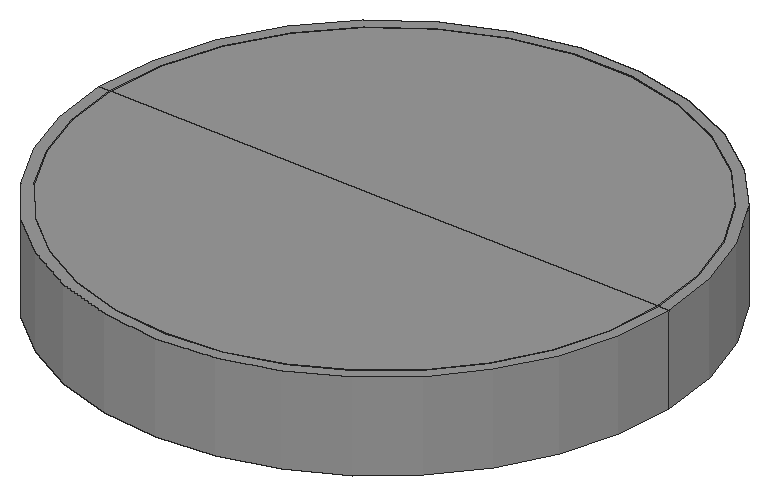
Revit family "4061102", category Lighting Fixtures, host Face, Revit 2016
Family settings
  Host = Face
  Part Type = Normal
  Round Connector Dimension = Use Diameter
  OmniClass Number = 23.80.70.00
  OmniClass Title = Lighting
  Cut with Voids When Loaded = No
  Light Source = Yes
  Shared = No
  Room Calculation Point = No
Parameters (values of type "4061102 COLOSSAL 3400LM 830 EM3 WHT")
  Weight = "kg"
  Wattage Comments = ""
  Wattage = 30 W
  WarrantyStartDate [instance] = "n/a"
  WarrantyGuarantorParts = "n/a"
  WarrantyDurationUnit = "n/a"
  WarrantyDurationParts = "n/a"
  WarrantyDescription = "n/a"
  built-in parameter 1150110 = 1 (stored number, unit not read)
  Voltage = 230 V
  URL = "http://www.sylvania-lighting.com"
  TypeName = "Colossal 3400lm 830 EM3 WHT"
  Type Image = <None>
  Type Comments = "n/a"
  built-in parameter 1114217 = 1 (stored number, unit not read)
  Tilt Angle = -90.00°
  built-in parameter 1150109 = 1 (stored number, unit not read)
  built-in parameter 1150134 = (empty or 0)
  built-in parameter 1150113 = 1 (stored number, unit not read)
  SerialNumber [instance] = "n/a"
  Photometric Web File = "4061102.ies"
  Material_3_SYL = LED-Sylvania
  PowerFactor = 0
  PowerConsumption = "30 W"
  NominalLength = 400 mm
  NominalHeight = 87 mm
  NominalDepth = 400 mm
  Name = "Colossal 3400lm 830 EM3 WHT"
  ModelReference = Name  # "Colossal 3400lm 830 EM3 WHT"
  ModelNumber = "4061102"
  Model = Name  # "Colossal 3400lm 830 EM3 WHT"
  Material = "n/a"
  ManufacturerName = "Feilo Sylvania"
  Manufacturer = "Feilo Sylvania"
  LuminousEfficacy = "n/a"
  built-in parameter 1150105 = 270.44 (stored number, unit not read)
  Lumens = 3398.4 lm
  LuminaireType = ""
  built-in parameter 1150115 = 1 (stored number, unit not read)
  LightOutputRatio = "n/a"
  built-in parameter 1150137 = (empty or 0)
  built-in parameter 1150139 = (empty or 0)
  LampsType = Lamp  # "LED"
  LampNominalLuminous = "3398 lm"
  LampMacAdamStep = "n/a"
  LampColourTemperature = "3000 K"
  LampColourRenderingIndex = "n/a"
  built-in parameter 1150112 = 1 (stored number, unit not read)
  built-in parameter 1150114 = 1 (stored number, unit not read)
  Lamp = "LED"
  Keynote = "16500"
  InstallationDate [instance] = "n/a"
  InputVoltage = "230-240 V~"
  InputNominalFrequency = "50/60 Hz"
  built-in parameter 1150132 = (empty or 0)
  built-in parameter 1150102 = (empty or 0)
  built-in parameter 1150107 = 3000 (stored number, unit not read)
  built-in parameter 1150138 = (empty or 0)
  IngressProtection = "IP40"
  ImpactProtectionIndex = "IK02"
  built-in parameter 1150106 = 2.7044 (stored number, unit not read)
  IfcExportType = "IfcLightFixtureType"
  IfcExportAs = "IfcLightFixtureType"
  Emit from Circle Diameter = 385 mm
  Emit Shape Visible in Rendering = no
  ElectricShockClassification = "Class I"
  built-in parameter 1150104 = 10.524 (stored number, unit not read)
  DocumentationLiterature = "http://www.sylvania-lighting.com/product/en-int/products/4061102"
  DimmingControlOptions = "Dimmable"
  Material_2_SYL = Polycarbonate_Sylvania_White
  Dimming Lamp Color Temperature Shift = <None>
  Description = "Large 400 mm diameter circular architectural luminaire, can be surface mounted or suspended, aluminium housing with polycarbonate opal diffuser, 3400 lm, 30W, 113 lm/W, 3000K, CRI 80, 50,000 hours, IP40, IK03, Class 1, 220-240V, Energy class A++, Emergency 3 hours"
  Default Elevation = 1219.2 mm
  CreatedOn = "3/7/2019"
  CreatedBy = "@sylvania-lighting.com"
  Cost = 0
  Color Filter = 16777215
  built-in parameter 1114216 [instance] = (empty or 0)
  ClassificationValue = "EF_70_80"
  ClassificationName = "Uniclass2015"
  Material_1_SYL = Polycarbonate_Sylvania_Opal
  BarCode [instance] = "n/a"
  built-in parameter 1114218 = 1 (stored number, unit not read)
  built-in parameter 1150133 = 10 (stored number, unit not read)
  AssetType = "Fixed"
  AssetIdentifier [instance] = "n/a"
  Assembly Code = "D5020200"
  Apparent Load = 30 VA
  Material_4_SYL = none
Reference planes
  plane 1 "Center (Front/Back)": y = 0
  plane 2: z = 0
  plane 3 "Center (Left/Right)": x = 0
  plane 4: x = -200
  plane 5: x = -120
  plane 6: z = 87
  plane 7: z = 25
  plane 8: x = -192.5
  plane 9: z = 40
Forms (mm)
  Revolve 1, solid, material "Polycarbonate_Sylvania_White" <- "Material_2_SYL"
    sketch origin (0, 0, 0) x (1, 0, 0) y (0, 0, 1)
      loop
        line (0, 0) -> (0, 40) -> (-192.5, 40) -> (-192.5, 87) -> (-200, 87) -> (-200, 25) -> (-120, 25) -> (-120, 0) -> (0, 0)
      axis (0, 87) -> (0, 0)
    angle from 360 to 0
  Revolve 2, solid, material "Polycarbonate_Sylvania_Opal" <- "Material_1_SYL"
    sketch origin (0, 0, 0) x (1, 0, 0) y (0, 0, 1)
      loop
        line (0, 87) -> (-192.5, 87) -> (-192.5, 40) -> (0, 40) -> (0, 87)
      axis (0, 87) -> (0, 40)
    angle from 360 to 0
Dimensions and locks
  plane 6 to plane 7 to level = 62 mm locked, 25 mm locked
  plane 3 "Center (Left/Right)" to plane 5 to plane 8 to plane 4 = 120 mm locked, 72.5 mm locked, 7.5 mm locked
  locked: plane 9 to plane 7 at 15
  aligned and locked: plane 2 to host face
  aligned and locked: level to host face
  aligned and locked: Revolve 1 sketch curve to plane 3 "Center (Left/Right)"  (x2)
  aligned and locked: plane 3 "Center (Left/Right)" to Revolve 1 sketch curve
  aligned and locked: level to Revolve 1 sketch curve
  aligned and locked: plane 5 to Revolve 1 sketch curve
  aligned and locked: Revolve 1 sketch curve to plane 7
  aligned and locked: plane 6 to Revolve 1 sketch curve  (x2)
  aligned and locked: plane 8 to Revolve 1 sketch curve
  aligned and locked: Revolve 1 sketch curve to plane 8
  aligned and locked: plane 9 to Revolve 1 sketch curve
  aligned and locked: Revolve 2 sketch curve to plane 3 "Center (Left/Right)"
  aligned and locked: Revolve 2 sketch curve to Revolve 1  (x3)
  aligned and locked: plane 3 "Center (Left/Right)" to Revolve 2 sketch curve
  aligned and locked: plane 3 "Center (Left/Right)" to imposter light
  aligned and locked: imposter light to plane 6
  aligned and locked: imposter light to plane 1 "Center (Front/Back)"
Connectors
  electrical at (0, 0, 0), driven by "Apparent Load", driven by "PowerFactor", driven by "Voltage"
    settings: index 1, voltage 230 V, apparent load 30 VA, apparent load phase1 0 VA, apparent load phase2 0 VA, apparent load phase3 0 VA, power factor 0, load classification "Lighting", number of poles 1, system type 30, power factor state 1, is connector primary yes, connector utility no, sub classification motor no, connector description ""
